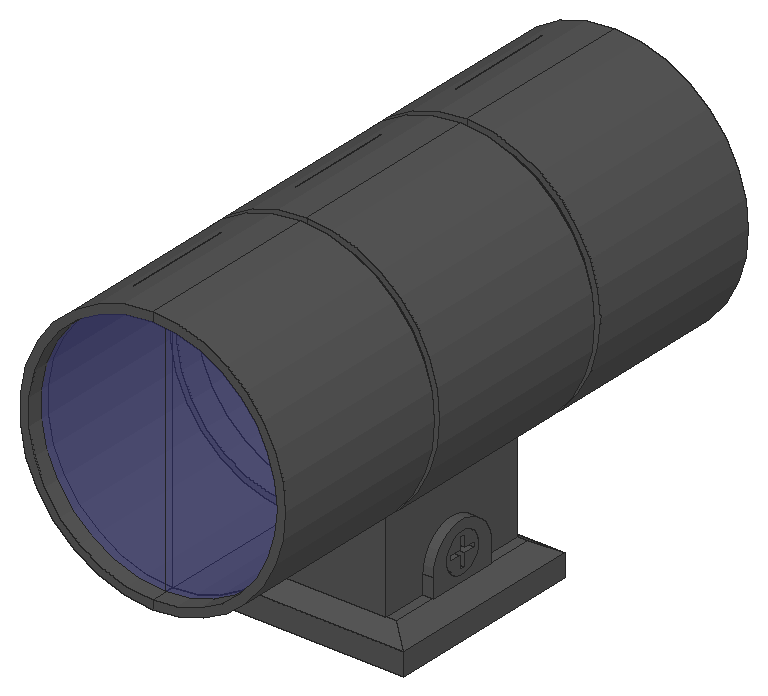
Revit family "CARLO CYLINDER LIGHT WALL MOUNT", category Lighting Fixtures, host Face, Revit 2020 (continued)
Parameters (values of type "CCL6-13-35SPSW8-PC-25-WM-BK")
    16.023 17.204 18.448 19.836 21.353 \r\n 23.266 26.04 29.063 31.782 34.478 37.231 40.101 43.014 46.452 49.51 \r\n 56.279 72.625 92.33 109.25 129.04 157.16 188.02 217.08 246.56 277.74 \r\n 308.87 338.56 367.03 394.59 419.52 440.49 456.56 465.07 469.89 474.07 \r\n 477.42 480.85 484.09 487.13 490.06 493.07 495.93 498.32 500.69 503.45 \r\n 506.42 509.55 512.77 515.95 519.26 522.8 526.68 531.1 535.91 540.89 \r\n 546.5 553.11 560.84 569.76 580.32 592.82 607.7 625.18 646.15 671.41 \r\n 701.47 736.73 778.25 825.35 883.58 962.5 1049.4 1129.5 1218.8 1330.6 \r\n 1458.3 1599.9 1755.4 1925 2105 2292.4 2485.4 2681.5 2880 3079.6 \r\n 3279.4 3478.6 3674.6 3865.6 4048.4 4217.9 4377.3 4528.5 4669.9 4800.8 \r\n 4921.1 5031.2 5128.5 5209.9 5277.3 5330.2 5372.2 5407.6 5433.9 5449.8 \r\n 5509.6 \r\n5444.5 5387.8 5336.8 5278.6 5207.2 5115.6 5008.6 4888.9 4756 4610.7 \r\n 4451.1 4273.8 4083.8 3884.2 3677.1 3464.2 3250.2 3042 2835.6 2629.1 \r\n 2423.3 2214.7 2013.6 1828.9 1661.5 1517.3 1389.9 1275.1 1172.4 1079.2 \r\n 996.46 924.45 862.17 809.09 764.13 726.38 694.78 668.23 645.83 626.31 \r\n 609.59 595.18 583.06 573.23 565.12 558.24 552.33 546.92 542.17 538.22 \r\n 534.62 530.93 527.32 523.75 520.38 517.46 514.63 511.56 508.37 505.04 \r\n 501.64 498.23 494.94 492.05 489.3 486.55 483.8 481.12 478.19 474.66 \r\n 470.71 466.69 461.75 456.09 446.93 430.72 410.02 386.12 359.28 329.76 \r\n 298.82 267.85 236.75 205.71 175.22 145.42 117.56 92.508 71.428 56.087 \r\n 45.51 40.366 37.489 33.376 29.702 27.096 25.185 23.937 22.957 21.761 \r\n 20.571 19.464 18.393 17.34 16.299 15.252 14.223 13.229 12.271 11.358 \r\n 10.477 9.6091 8.7791 8.0044 7.287 6.6356 6.0483 5.5308 5.0697 4.6496 \r\n 4.2824 3.9824 3.7264 3.4963 3.2903 3.0998 2.9266 2.7695 2.6288 2.5062 \r\n 2.3962 2.2944 2.1986 2.1028 2.0138 1.9396 1.8701 1.7956 1.7242 1.663 \r\n 1.6051 1.5453 1.4855 1.4254 1.3662 1.3095 1.2542 1.1991 1.1459 1.0973 \r\n 1.0495 0.99873 0.94807 0.89907 0.85278 0.81181 0.773 0.7331 0.69498 0.66186 \r\n 0.62943 0.59317 0.55705 0.52488 0.4927 0.45717 0.42105 0.38738 0.35206 0.31019 \r\n 0.26713 0.22783 0.18858 0.14496 0.10409 0.073494 0.04752 0.020225 0 0 \r\n 0 0 0.00015856 0.0022962 0.016821 0.064157 0.11608 0.14697 0.16945 0.18554 \r\n 0.20145 0.22601 0.25337 0.28022 0.30766 0.33606 0.36423 0.39029 0.41665 0.44594 \r\n 0.47568 0.50798 0.54228 0.5792 0.61736 0.65491 0.69392 0.73636 0.78067 0.82612 \r\n 0.87219 0.91721 0.96393 1.0154 1.0691 1.1244 1.1795 1.231 1.2841 1.3448 \r\n 1.4079 1.4694 1.5324 1.5984 1.6687 1.7441 1.8273 1.9232 2.0258 2.1283 \r\n 2.2387 2.3634 2.5015 2.6511 2.8214 3.0196 3.2489 3.5164 3.8173 4.144 \r\n 4.5122 4.9379 5.4136 5.9352 6.51 7.151 7.8379 8.5483 9.3017 10.12 \r\n 10.974 11.837 12.722 13.62 14.575 15.64 16.784 17.977 19.272 20.589 \r\n 22.305 24.983 27.976 30.768 33.529 36.182 38.949 42.068 45.412 47.442 \r\n 52.63 66.829 84.361 99.657 118.24 145.7 176.23 205.16 234.62 265.66 \r\n 296.76 326.61 355.58 384.2 410.65 433.75 452.06 462.47 468.68 473.21 \r\n 476.54 480.15 483.57 486.77 489.83 492.9 495.79 498.18 500.56 503.39 \r\n 506.41 509.55 512.76 515.94 519.19 522.52 526.14 530.33 534.87 539.47 \r\n 544.64 550.74 557.89 566.19 576 587.57 601.33 617.49 636.95 660.49 \r\n 688.64 721.96 761.16 805.26 859.83 934.23 1016.2 1091.3 1175.5 1281.9 \r\n 1404.3 1541 1691.4 1855.5 2030.6 2215.1 2406.8 2603.4 2803 3002.6 \r\n 3202.4 3402.3 3599.9 3794.6 3981.8 4155.9 4319.7 4474.5 4619.5 4754.1 \r\n 4878.7 4995 5098.9 5185.6 5257.8 5315.1 5361.2 5400.3 5430.2 5450.1 \r\n 5509.6 \r\n5444.5 5379.3 5324.8 5262.4 5186.8 5091.9 4981.9 4859.2 4723.2 4574.9 \r\n 4412.5 4233.4 4041.6 3838.9 3628.8 3414.4 3199.4 2989.5 2781.9 2576 \r\n 2372 2167.1 1970.3 1789.2 1624.9 1482.5 1358.4 1252.3 1158.1 1068.5 \r\n 986.39 911.33 846.14 795.13 753.3 717.06 686.54 661.04 639.54 620.83 \r\n 604.85 591.17 579.67 570.21 562.36 555.69 549.98 544.88 540.39 536.53 \r\n 532.99 529.45 525.97 522.42 519.02 516.08 513.23 510.19 507.06 503.84 \r\n 500.61 497.44 494.39 491.58 488.91 486.34 483.72 480.89 477.76 474.2 \r\n 470.18 466.14 460.58 452.7 440.88 422.38 399.69 374.35 346.49 316.35 \r\n 285.06 253.78 222.56 191.51 161.69 134.32 108.99 84.766 64.453 51.374 \r\n 43.042 38.881 36.481 32.682 29.162 26.676 24.83 23.611 22.629 21.407 \r\n 20.192 19.104 18.059 17.008 15.966 14.926 13.908 12.933 11.994 11.093 \r\n 10.222 9.3652 8.5473 7.7887 7.0888 6.4532 5.883 5.387 4.9475 4.5464 \r\n 4.1936 3.8978 3.6434 3.4194 3.2208 3.0393 2.8747 2.7238 2.5881 2.4693 \r\n 2.3624 2.2631 2.1699 2.0779 1.9922 1.9186 1.8495 1.7772 1.708 1.6479 \r\n 1.5906 1.5314 1.4722 1.413 1.3547 1.2984 1.2433 1.1884 1.1352 1.0857 \r\n 1.0368 0.98473 0.9333 0.88499 0.83971 0.79938 0.76039 0.71831 0.67756 0.64263 \r\n 0.60892 0.57211 0.53589 0.50395 0.47194 0.43687 0.40109 0.36676 0.33141 0.29224 \r\n 0.25239 0.21473 0.17714 0.13731 0.098637 0.062772 0.032639 0.012195 0 0 \r\n 0 0 0.00012592 0 0.010128 0.050584 0.096887 0.12867 0.15367 0.17024 \r\n 0.18612 0.21061 0.23736 0.2622 0.28787 0.3166 0.34567 0.37233 0.39887 0.42715 \r\n 0.45576 0.48624 0.51863 0.55388 0.59088 0.62809 0.66776 0.71285 0.75962 0.80487 \r\n 0.84993 0.89407 0.94033 0.99294 1.0476 1.101 1.1543 1.2063 1.2603 1.3206 \r\n 1.3834 1.4453 1.509 1.5755 1.6457 1.7197 1.801 1.8952 1.9958 2.095 \r\n 2.2023 2.326 2.4627 2.6082 2.7732 2.9665 3.1894 3.4486 3.7378 4.0456 \r\n 4.3943 4.8056 5.2697 5.7839 6.3486 6.9634 7.627 8.339 9.0959 9.8981 \r\n 10.734 11.589 12.469 13.367 14.315 15.343 16.447 17.627 18.893 20.126 \r\n 21.709 24.158 26.955 29.75 32.553 35.179 37.866 40.852 43.959 45.833 \r\n 50.242 61.739 76.616 91.382 109.94 136.7 166.65 195.75 225.45 256.24 \r\n 287.08 316.99 346.28 375.6 403 427.23 446.93 459.4 467.42 472.37 \r\n 475.69 479.46 483.03 486.46 489.73 492.87 495.81 498.34 500.87 503.83 \r\n 506.95 510.15 513.38 516.59 519.79 522.87 526.17 530.05 534.27 538.53 \r\n 543.32 549.03 555.74 563.59 572.86 583.76 596.68 611.78 629.99 652.18 \r\n 678.77 710.25 747.31 789.23 840.66 909.06 985.18 1057.9 1140.2 1242.9 \r\n 1361.2 1493.9 1640.3 1799.9 1970.9 2152.1 2341.8 2539.1 2740 2940 \r\n 3139.9 3339.9 3538.2 3734.7 3924.5 4102.5 4270.6 4429.2 4577.9 4715.8 \r\n 4844 4965.5 5074.5 5165.5 5241.7 5303.5 5353.8 5395.9 5428.5 5451.5 \r\n 5509.6 \r\n5444.5 5370.9 5313 5246.7 5167.2 5069.3 4956.6 4831.2 4692.5 4541.1 \r\n 4376 4195.6 4002.4 3796.7 3583.7 3367.9 3151.9 2940 2731.1 2525.4 \r\n 2323.2 2122.5 1930.4 1752.7 1591.3 1450.5 1329.2 1231.6 1146 1060.4 \r\n 979.42 901.22 832.71 783 743.55 708.56 679.04 654.41 633.68 615.69 \r\n 600.38 587.4 576.47 567.32 559.65 553.14 547.59 542.77 538.54 534.73 \r\n 531.21 527.83 524.51 521 517.6 514.61 511.73 508.71 505.66 502.57 \r\n 499.53 496.63 493.83 491.11 488.49 486.12 483.63 480.62 477.27 473.68 \r\n 469.58 465.43 459.12 448.84 434.23 413.59 389.13 362.48 333.71 303.14 \r\n 271.65 240.11 208.82 177.84 148.77 123.9 101.19 77.852 58.363 47.644 \r\n 41.535 37.94 35.591 32.05 28.728 26.345 24.543 23.33 22.33 21.081 \r\n 19.846 18.77 17.743 16.691 15.648 14.614 13.608 12.652 11.731 10.842 \r\n 9.9798 9.1328 8.3264 7.5837 6.9008 6.28 5.7256 5.2501 4.8316 4.4501 \r\n 4.112 3.8196 3.5656 3.346 3.1537 2.9809 2.8252 2.6806 2.5496 2.4345 \r\n 2.3304 2.2334 2.1426 2.0546 1.9724 1.8994 1.8305 1.7604 1.6934 1.6341 \r\n 1.5771 1.5183 1.4596 1.4014 1.3441 1.2883 1.2336 1.1794 1.1262 1.0754 \r\n 1.0249 0.97194 0.92023 0.87276 0.82848 0.78866 0.7493 0.70481 0.66124 0.62443 \r\n 0.58944 0.55218 0.51603 0.48465 0.45312 0.41853 0.3831 0.3485 0.31345 0.27676 \r\n 0.23983 0.20405 0.16826 0.13162 0.094573 0.053807 0.01978 0.0052152 0 0 \r\n 0 0 0.000085 0 0.0052719 0.037228 0.076151 0.10892 0.13708 0.15478 \r\n 0.17115 0.19551 0.22145 0.24427 0.26816 0.29712 0.32702 0.35434 0.38118 0.40852 \r\n 0.43607 0.46485 0.4954 0.52882 0.56442 0.60109 0.64122 0.6888 0.73794 0.78306 \r\n 0.82722 0.87048 0.91626 0.97006 1.0256 1.0771 1.1284 1.1812 1.2364 1.2963 \r\n 1.3586 1.4214 1.4861 1.5535 1.624 1.6969 1.7765 1.8691 1.9679 2.0645 \r\n 2.1696 2.2933 2.4296 2.572 2.7327 2.9219 3.1393 3.3897 3.6675 3.9597 \r\n 4.2922 4.6898 5.1426 5.6519 6.2086 6.7973 7.4374 8.1532 8.9154 9.6998 \r\n 10.516 11.364 12.244 13.147 14.092 15.084 16.15 17.331 18.587 19.776 \r\n 21.252 23.435 25.984 28.747 31.574 34.187 36.82 39.647 42.564 44.594 \r\n 48.53 57.296 69.512 84.158 103.08 129.08 158.25 187.37 217.22 247.7 \r\n 278.23 308.14 337.66 367.45 395.54 420.52 441.32 455.87 465.82 471.35 \r\n 474.77 478.71 482.43 486.1 489.59 492.8 495.8 498.5 501.22 504.32 \r\n 507.55 510.8 514.05 517.3 520.47 523.33 526.34 529.92 533.83 537.79 \r\n 542.27 547.64 553.99 561.46 570.28 580.6 592.79 606.93 624.02 644.99 \r\n 670.18 699.99 735.1 775.15 823.59 885.6 955.67 1027 1108.6 1208.3 \r\n 1322.6 1451.1 1593.1 1748.3 1915.2 2093 2280.5 2478.1 2680.2 2880.3 \r\n 3080.4 3280.4 3479.1 3676.7 3868.8 4050.4 4222.7 4385.3 4537.9 4679 \r\n 4810.8 4936.8 5050.7 5145.7 5225.9 5292.4 5347 5392 5427.2 5453 \r\n 5509.6 \r\n5444.5 5363.1 5302.2 5232.3 5149.4 5049.1 4934.2 4806.4 4665.3 4511.2 \r\n 4343.7 4162.4 3968.2 3759.8 3544.1 3327.4 3110.6 2896.9 2686.5 2480.9 \r\n 2280.2 2083.5 1896 1721.5 1562.8 1423.1 1304.1 1213.8 1135.7 1054.1 \r\n 974.51 893.61 822.01 773 735.21 701.19 672.52 648.59 628.48 611.09 \r\n 596.35 583.97 573.55 564.64 557.1 550.68 545.23 540.66 536.65 532.83 \r\n 529.3 526.09 522.94 519.48 516.08 513.05 510.13 507.12 504.13 501.2 \r\n 498.36 495.73 493.17 490.54 487.98 485.78 483.39 480.22 476.63 473.03 \r\n 468.82 464.45 457.29 444.58 427.23 404.68 378.71 350.91 321.38 290.53 \r\n 258.98 227.26 195.95 165.14 136.86 114.34 94.095 71.782 53.254 44.83 \r\n 40.77 37.425 34.834 31.495 28.388 26.089 24.313 23.088 22.058 20.785 \r\n 19.533 18.465 17.449 16.397 15.352 14.324 13.328 12.389 11.486 10.607 \r\n 9.7543 8.9169 8.1217 7.3937 6.7265 6.1194 5.5796 5.1227 4.7233 4.3607 \r\n 4.0373 3.7479 3.4937 3.2772 3.0896 2.925 2.7777 2.6389 2.5123 2.4004 \r\n 2.2988 2.2037 2.1149 2.0308 1.952 1.8795 1.8108 1.7429 1.6782 1.6192 \r\n 1.5623 1.5037 1.4455 1.3882 1.3319 1.2767 1.2225 1.1692 1.1164 1.0639 \r\n 1.0116 0.95824 0.90671 0.86015 0.81677 0.77721 0.7373 0.69062 0.64456 0.60607 \r\n 0.57002 0.53259 0.49679 0.46614 0.43524 0.40118 0.36617 0.33161 0.2971 0.26268 \r\n 0.22842 0.19463 0.16065 0.12641 0.090477 0.046 0.0091515 0 0 0 \r\n 0 0 0.000041 0 0.0019851 0.024637 0.055282 0.089263 0.12117 0.14058 \r\n 0.1579 0.18209 0.20708 0.22802 0.25026 0.2793 0.30985 0.33784 0.36504 0.39161 \r\n 0.41827 0.44587 0.47507 0.50687 0.54113 0.57719 0.61759 0.66727 0.71846 0.76354 \r\n 0.80703 0.84967 0.89511 0.94991 1.0061 1.0558 1.1053 1.159 1.2155 1.2749 \r\n 1.3367 1.4005 1.4665 1.5348 1.6057 1.6778 1.7559 1.8468 1.9437 2.0384 \r\n 2.1421 2.266 2.4022 2.5422 2.6993 2.8848 3.0967 3.3381 3.6047 3.8845 \r\n 4.204 4.5882 5.0292 5.5338 6.0831 6.6477 7.2662 7.9854 8.752 9.518 \r\n 10.314 11.159 12.039 12.949 13.893 14.853 15.887 17.074 18.333 19.506 \r\n 20.897 22.802 25.076 27.771 30.596 33.207 35.807 38.466 41.233 43.618 \r\n 47.311 53.486 63.194 78.026 97.54 122.69 150.89 179.77 209.54 239.66 \r\n 269.9 299.82 329.51 359.61 388.14 413.59 435.27 451.85 463.78 470.05 \r\n 473.76 477.9 481.75 485.66 489.35 492.63 495.69 498.57 501.48 504.73 \r\n 508.07 511.35 514.62 517.91 521.07 523.77 526.53 529.84 533.47 537.19 \r\n 541.44 546.54 552.58 559.72 568.14 577.96 589.51 602.79 618.87 638.73 \r\n 662.61 690.88 724.17 762.51 808.12 863.69 927.84 998.69 1080.5 1177.3 \r\n 1287.6 1411.4 1548.5 1699 1861.9 2036.1 2221.1 2418.7 2621.3 2821.5 \r\n 3021.6 3221.6 3420.7 3619.2 3813 3998 4174.5 4341.4 4498.1 4642.6 \r\n 4777.7 4908 5026.4 5125.5 5209.8 5281 5339.9 5387.9 5425.6 5454.3 \r\n 5509.6 \r\n5444.5 5356.4 5293 5220.2 5134.6 5032.4 4915.9 4786.2 4643.2 4487 \r\n 4317.7 4135.7 3940.8 3730.4 3512.8 3295.5 3078.3 2863.2 2651.7 2445.9 \r\n 2246.3 2053.2 1869.6 1697.8 1540.9 1402 1284.5 1199.6 1127.1 1048.8 \r\n 970.64 887.98 814.18 765.45 728.6 695.27 667.26 643.84 624.18 607.23 \r\n 592.92 581.01 570.99 562.25 554.78 548.4 543.01 538.61 534.74 530.88 \r\n 527.3 524.23 521.24 517.85 514.46 511.38 508.41 505.41 502.48 499.69 \r\n 497.05 494.66 492.31 489.77 487.27 485.22 482.91 479.57 475.79 472.16 \r\n 467.82 463.09 454.99 439.97 420.14 395.96 368.77 340.02 309.88 278.92 \r\n 247.43 215.63 184.39 153.85 126.36 105.79 87.666 66.57 49.224 42.869 \r\n 40.531 37.216 34.225 31.035 28.132 25.893 24.127 22.879 21.813 20.521 \r\n 19.258 18.193 17.184 16.13 15.085 14.063 13.076 12.151 11.262 10.394 \r\n 9.5502 8.7228 7.9382 7.2229 6.569 5.9746 5.4483 5.0069 4.6237 4.2785 \r\n 3.9688 3.6824 3.4281 3.2137 3.0296 2.8719 2.7319 2.5978 2.4749 2.3657 \r\n 2.266 2.1724 2.0853 2.0045 1.9288 1.8568 1.7883 1.7226 1.66 1.601 \r\n 1.5436 1.4852 1.4274 1.3709 1.3155 1.2609 1.2072 1.1551 1.103 1.0489 \r\n 0.99484 0.94149 0.89061 0.84493 0.80226 0.76262 0.72202 0.67378 0.62603 0.58636 \r\n 0.54967 0.51258 0.4775 0.44757 0.41726 0.38383 0.34941 0.31512 0.28129 0.24895 \r\n 0.21712 0.18531 0.15301 0.12021 0.08493 0.038753 0.00096561 0 0 0 \r\n 0 0 0 0 0 0.013358 0.035687 0.07128 0.10745 0.12908 \r\n 0.14773 0.17173 0.19572 0.21506 0.23589 0.26482 0.29576 0.32431 0.3519 0.37798 \r\n 0.40404 0.43158 0.4601 0.49087 0.52413 0.55964 0.60014 0.65131 0.70403 0.74919 \r\n 0.79235 0.83484 0.88027 0.93569 0.99217 1.0404 1.0885 1.1431 1.2006 1.2594 \r\n 1.3207 1.3855 1.4528 1.5219 1.5929 1.6643 1.7411 1.8301 1.9251 2.0184 \r\n 2.1213 2.2452 2.3811 2.5188 2.6725 2.854 3.06 3.2918 3.5476 3.8181 \r\n 4.1276 4.4983 4.9264 5.4243 5.9655 6.5099 7.1103 7.8299 8.5972 9.3455 \r\n 10.124 10.965 11.849 12.764 13.707 14.642 15.652 16.844 18.106 19.284 \r\n 20.61 22.248 24.246 26.837 29.623 32.237 34.823 37.321 39.973 42.796 \r\n 46.402 50.294 57.807 73.025 93.216 117.43 144.42 172.68 202.01 231.77 \r\n 261.81 291.76 321.63 351.89 380.69 406.44 428.84 447.3 461.17 468.39 \r\n 472.61 477.01 480.97 485.09 488.97 492.3 495.4 498.45 501.54 504.92 \r\n 508.35 511.65 514.92 518.26 521.43 524.03 526.63 529.73 533.13 536.7 \r\n 540.79 545.68 551.48 558.32 566.36 575.72 586.67 599.19 614.35 633.16 \r\n 655.81 682.6 714.15 750.83 793.73 843.19 901.88 972.83 1055.3 1149.4 \r\n 1255.5 1373.6 1504.8 1650.4 1809 1979.6 2162.1 2358.8 2561.4 2761.3 \r\n 2961.2 3161.4 3360.9 3560.3 3755.7 3944 4124.5 4295.9 4457 4605 \r\n 4743.5 4877.9 5000.6 5104.1 5192.8 5268.6 5331.8 5382.8 5423.3 5455.1 \r\n 5509.6 \r\n5444.5 5350.5 5285.9 5212.3 5126.1 5023.3 4906.4 4776.4 4633.3 4477.2 \r\n 4307.9 4124.8 3929.1 3719.4 3503 3286.7 3070.7 2856.8 2646.1 2439.8 \r\n 2239.6 2047.1 1864.3 1692.6 1535.7 1397.3 1279.6 1191.4 1115.8 1036.8 \r\n 959.64 880.41 810.06 761.96 724.96 691.9 664.16 640.98 621.51 604.58 \r\n 590.27 578.44 568.49 559.81 552.39 546.06 540.68 536.15 532.12 528.12 \r\n 524.46 521.41 518.49 515.19 511.87 508.75 505.73 502.7 499.79 497.11 \r\n 494.59 492.23 489.92 487.52 485.14 483.07 480.7 477.32 473.46 469.77 \r\n 465.13 459.59 450.39 434 412.86 387.88 360.16 330.99 300.66 269.86 \r\n 238.69 207.19 176.34 146.5 119.67 99.136 81.442 62.54 47.499 42.093 \r\n 40.151 36.951 33.918 30.771 27.903 25.675 23.909 22.656 21.584 20.289 \r\n 19.027 17.969 16.968 15.917 14.874 13.858 12.878 11.953 11.068 10.212 \r\n 9.3836 8.5707 7.7982 7.0869 6.437 5.8563 5.344 4.9086 4.5307 4.1965 \r\n 3.8975 3.6172 3.3666 3.1544 2.9717 2.8158 2.6773 2.5443 2.4221 2.3134 \r\n 2.2141 2.1212 2.0349 1.955 1.8802 1.8091 1.7419 1.6786 1.6178 1.5579 \r\n 1.4991 1.4406 1.3831 1.3267 1.2715 1.2173 1.1645 1.1139 1.0632 1.0087 \r\n 0.95433 0.90238 0.85307 0.80812 0.76542 0.72401 0.68221 0.63626 0.59152 0.55317 \r\n 0.51792 0.4842 0.45201 0.42172 0.3907 0.35826 0.32505 0.29098 0.25766 0.22747 \r\n 0.19802 0.16787 0.13651 0.10221 0.067206 0.029272 0 0 0 0 \r\n 0 0 0 0 0 0.0068802 0.024014 0.063672 0.10604 0.13109 \r\n 0.15175 0.17559 0.19856 0.21714 0.23722 0.26545 0.29594 0.32475 0.35328 0.38138 \r\n 0.40982 0.43921 0.46997 0.50275 0.53752 0.57337 0.61357 0.66386 0.71592 0.76166 \r\n 0.80611 0.85094 0.89811 0.95226 1.007 1.0554 1.1041 1.1585 1.2155 1.2733 \r\n 1.3337 1.3989 1.4665 1.5345 1.6041 1.6741 1.7491 1.8347 1.9264 2.0191 \r\n 2.121 2.2414 2.3725 2.5056 2.6532 2.8254 3.0206 3.2398 3.4844 3.7512 \r\n 4.0551 4.4087 4.8153 5.2889 5.8103 6.354 6.9533 7.6512 8.3941 9.1278 \r\n 9.8974 10.742 11.626 12.524 13.451 14.399 15.414 16.563 17.775 18.947 \r\n 20.239 21.738 23.557 25.95 28.579 31.181 33.777 36.201 38.757 41.602 \r\n 45.017 47.897 54.548 70.373 90.974 113.82 138.71 164.33 191.45 220.81 \r\n 251.17 281.52 311.82 3
